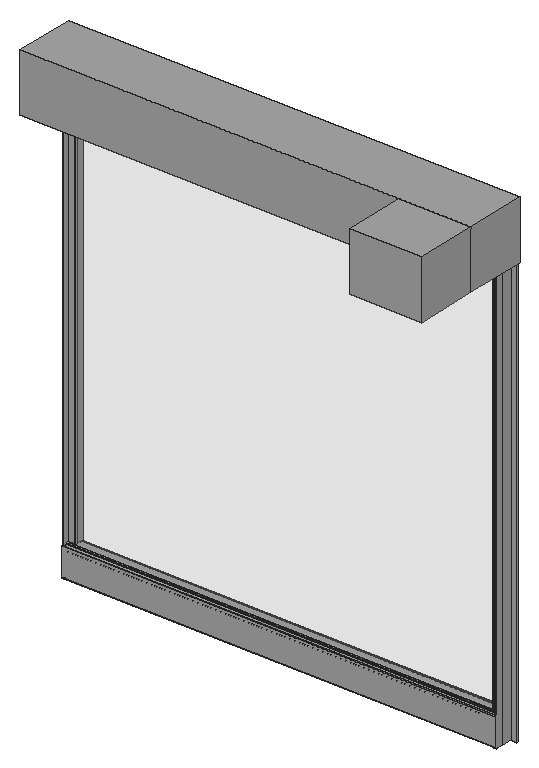
Revit family
Parameters (values of type "Motor Operated, Stainless Steel, 9" Vertical Spacing")
  Spec Wizard = "http://www.clopaydoor.com/Quick-Specs-Wizard.aspx"
  Sizing Disclaimer = "Openings from 5' to 24' wide and 4' to 20' high."  # constant formula
  Sales Information = "http://www.clopaydoor.com/where-to-buy.aspx?type=dealer&stype=commercial"
  Product Features and Benefits = "http://www.clopaydoor.com/sliding-applications.aspx"
  Motor = yes
  Manufacturer Website = "http://www.clopaydoor.com"
  Manufacturer Phone Number = "1-800-526-4301"  # constant formula
  Manufacturer Address = "1400 W. Market St., Troy, OH 45373"  # constant formula
  Function = (empty or 0)
  File Revision = "00 (Feb, 2011)"  # constant formula
  Drip Extension = 0' - 5"
  Curtain Rods 2" OC Standard = Stainless steel 9" Spacing (curtain only)
  CAD and Specifications = "http://www.clopaydoor.com/sliding-specs.aspx"
  Bottom Bar = Stainless steel(non-curtain components)
  Guides = Stainless steel(non-curtain components)
  Hood = Stainless steel(non-curtain components)
  Mounting = "Face of Wall "  # constant formula
  URL = "http://www.clopaydoor.com"
  Subcategory = "Roll Up"  # constant formula
  Shutter Width = Width + 2 * 0' 2 1/2" + 2 * 0' 0 15/32"  # 10' - 5 15/16"
  Shutter Height = Height - 0' 4 205/256"  # 9' - 7 51/256"
  Optional aluminum, color anodized finish = no
  Operator Height = 5' - 4"
  Operator = Operator : Motor Operator
  Operation = ""
  From Coil Side Operate on Right = yes
  From Coil Side Operate on Left = not(From Coil Side Operate on Right)  # no
  Curtain Spacing Vertical Chains 9" OC = yes
  Curtain Spacing Vertical Chains 6" OC = no
  Curtain Spacing Vertical Chains 3" OC = no
  Model = "CERG-IBC"  # constant formula
  Manufacturer = "Clopay Building Products Company"  # constant formula
  Height = 10' - 0"
  Wall Closure = (empty or 0)
  Width = 10' - 0"
  Description = "The security of a locked rolling grille that opens on alarm or power failure allowing safe escape."  # constant formula
  Construction Type = ""
  Assembly Code = "B2030410"
  95 CSI = "08330"  # constant formula
  Coil Dimension Note = "15” to 20” - Consult Clopay when dimensions are critical."  # constant formula
  Jamb Dimension Note = " 3” to 4 1/2”  wide. Consult Clopay when dimensions are critical"  # constant formula
  Wall Construction = "Self supporting tubes, Masonry, Steel or Wood"  # constant formula
  Listings = "ICC-ES Evaluated for access controlled egress per the IBC®, per ESR-1167"  # constant formula
  04 CSI = "08 33 00"  # constant formula
  Cost Note = "Based on size, materials selected. Consult Clopay."  # constant formula
Types (12): name | Curtain Rods 2" OC Standard | Bottom Bar | Guides | Hood | Curtain Spacing Vertical Chains 9" OC | Curtain Spacing Vertical Chains 6" OC | Curtain Spacing Vertical Chains 3" OC
  Motor Operated, Aluminium (Anodized Finish), 9" Vertical Spacing | Aluminum, anodized finish 9" Spacing (curtain only) | Aluminum, anodized finish(non-curtain components) | Aluminum, anodized finish(non-curtain components) | Aluminum, anodized finish(non-curtain components) | yes | no | no
  Motor Operated, Aluminium (Mill Finish), 9" Vertical Spacing | Aluminum, mill finish 9" Spacing (curtain only) | Aluminum, mill finish(non-curtain components) | Aluminum, mill finish(non-curtain components) | Aluminum, mill finish(non-curtain components) | yes | no | no
  Motor Operated, Galvanized Steel, 9" Vertical Spacing | Galvanized steel 9" Spacing (curtain only) | Galvanized steel curtain, galvanized or powder coated plain steel components(non-curtain components) | Galvanized steel curtain, galvanized or powder coated plain steel components(non-curtain components) | Galvanized steel curtain, galvanized or powder coated plain steel components(non-curtain components) | yes | no | no
  Motor Operated, Stainless Steel, 9" Vertical Spacing | Stainless steel 9" Spacing (curtain only) | Stainless steel(non-curtain components) | Stainless steel(non-curtain components) | Stainless steel(non-curtain components) | yes | no | no
  Motor Operated, Stainless Steel, 6" Vertical Spacing | Stainless steel 6" Spacing (curtain only) | Stainless steel(non-curtain components) | Stainless steel(non-curtain components) | Stainless steel(non-curtain components) | no | yes | no
  Motor Operated, Stainless Steel, 3" Vertical Spacing | Stainless steel 3" Spacing (curtain only) | Stainless steel(non-curtain components) | Stainless steel(non-curtain components) | Stainless steel(non-curtain components) | no | no | yes
  Motor Operated, Galvanized Steel, 6" Vertical Spacing | Galvanized steel 6" Spacing (curtain only) | Galvanized steel curtain, galvanized or powder coated plain steel components(non-curtain components) | Galvanized steel curtain, galvanized or powder coated plain steel components(non-curtain components) | Galvanized steel curtain, galvanized or powder coated plain steel components(non-curtain components) | no | yes | no
  Motor Operated, Galvanized Steel, 3" Vertical Spacing | Galvanized steel 3" Spacing (curtain only) | Galvanized steel curtain, galvanized or powder coated plain steel components(non-curtain components) | Galvanized steel curtain, galvanized or powder coated plain steel components(non-curtain components) | Galvanized steel curtain, galvanized or powder coated plain steel components(non-curtain components) | no | no | yes
  Motor Operated, Aluminium (Mill Finish), 6" Vertical Spacing | Aluminum, mill finish 6" Spacing (curtain only) | Aluminum, mill finish(non-curtain components) | Aluminum, mill finish(non-curtain components) | Aluminum, mill finish(non-curtain components) | no | yes | no
  Motor Operated, Aluminium (Mill Finish), 3" Vertical Spacing | Aluminum, mill finish 3" Spacing (curtain only) | Aluminum, mill finish(non-curtain components) | Aluminum, mill finish(non-curtain components) | Aluminum, mill finish(non-curtain components) | no | no | yes
  Motor Operated, Aluminium (Anodized Finish), 6" Vertical Spacing | Aluminum, anodized finish 6" Spacing (curtain only) | Aluminum, anodized finish(non-curtain components) | Aluminum, anodized finish(non-curtain components) | Aluminum, anodized finish(non-curtain components) | no | yes | no
  Motor Operated, Aluminium (Anodized Finish), 3" Vertical Spacing | Aluminum, anodized finish 3" Spacing (curtain only) | Aluminum, anodized finish(non-curtain components) | Aluminum, anodized finish(non-curtain components) | Aluminum, anodized finish(non-curtain components) | no | no | yes
Reference planes (in)
  plane 1 "Center (Front/Back)": y = 0
  plane 2 "Center (Left/Right)": x = 36
  plane 3 "Left": x = -24
  plane 4 "Right": x = 96
  plane 5 "Top": z = 120
  plane 6 "Wall Edge": y = -4.25
  plane 7: y = -4.25
  plane 8 "Top of Hood": z = 142
  plane 9: y = -17.875
  plane 10: z = 125
  plane 11: z = 4.39975
  plane 12: z = 4.39975
  plane 13: z = 6.41361
  plane 14: z = 10.41361
  plane 15: y = -6.125
  plane 16: x = -29.5
  plane 17: x = 101.5
  plane 18: x = -27
  plane 19: x = 99
  plane 20: z = 132
  plane 21: y = -21.75
  plane 22: y = -39.75
Forms (in)
  Sweep 1, solid, material "Stainless steel(non-curtain components)" <- "Guides"
    path origin (-95.55277, -6.125, 84) x (-1, 0, 0) y (0, 0, 1)
      loop
        line (-194.55277, -84) -> (-68.55277, -84)
    profile "Profile_BottomBar : Profile_BottomBar" origin (36, -6.125, 0) x (0, 0, 1) y (0, 1, 0)
      loop
        line (0.252, 1.15352) -> (0.252, -3.26114) -> (8.31715, -3.26114) -> (8.31715, 1.15352) -> (0.252, 1.15352)
      loop
        line (0.17656, -3.48747) -> (8.39259, -3.48747)
        arc (8.39259, -3.48747) -> (8.49929, -3.44328) -> (8.54348, -3.33658) r 0.15089
        line (8.54348, -3.33658) -> (8.54348, -2.49697)
        arc (8.54348, -2.49697) -> (8.58767, -2.39028) -> (8.69437, -2.34608) r 0.15089
        line (8.69437, -2.34608) -> (8.85012, -2.34608)
        arc (8.85012, -2.34608) -> (8.95681, -2.30189) -> (9.00101, -2.1952) r 0.15089
        line (9.00101, -2.1952) -> (9.00101, 0.08758)
        arc (9.00101, 0.08758) -> (8.95681, 0.19427) -> (8.85012, 0.23846) r 0.15089
        line (8.85012, 0.23846) -> (8.69437, 0.23846)
        arc (8.69437, 0.23846) -> (8.58767, 0.28266) -> (8.54348, 0.38935) r 0.15089
        line (8.54348, 0.38935) -> (8.54348, 1.22896)
        arc (8.54348, 1.22896) -> (8.49929, 1.33566) -> (8.39259, 1.37985) r 0.15089
        line (8.39259, 1.37985) -> (0.17656, 1.37985)
        arc (0.17656, 1.37985) -> (0.06986, 1.33566) -> (0.02567, 1.22896) r 0.15089
        line (0.02567, 1.22896) -> (0.02567, -3.33658)
        arc (0.02567, -3.33658) -> (0.06986, -3.44328) -> (0.17656, -3.48747) r 0.15089
  Sweep 2, solid, material "Stainless steel(non-curtain components)" <- "Guides"
    path origin (-60, -4.25, 0) x (1, 0, 0) y (0, 0, 1)
      loop
        line (161.5, 125) -> (161.5, 0)
    profile "Guide-Profile : Guide-Profile" origin (101.5, -4.25, 62.5) x (1, 0, 0) y (0, -1, 0)
      loop
        line (-4.5, 2.484) -> (-4.5, 2.688) -> (-4.64, 2.688) -> (-4.64, 2.56104) -> (-4.86, 2.56104) -> (-4.86, 2.688) -> (-5, 2.688) -> (-5, 2.52275) -> (-5, 1.186) -> (-4.875, 1.124) -> (-2.5, 1.124) -> (-2.5, 0) -> (-0.5, 0) -> (-0.5, 0.188) -> (-2.312, 0.188) -> (-2.312, 3) -> (-2.5, 3) -> (-2.5, 5.125) -> (-2.679, 5.125) -> (-2.679, 3.625) -> (-4.875, 3.625) -> (-5, 3.563) -> (-5, 3.312) -> (-4.86, 3.312) -> (-4.86, 3.51604) -> (-4.64, 3.51604) -> (-4.64, 3.312) -> (-4.5, 3.312) -> (-4.5, 3.516) -> (-2.563, 3.516) -> (-2.563, 2.484) -> (-4.5, 2.484)
  Sweep 3, solid, material "Stainless steel(non-curtain components)" <- "Guides"
    path origin (-60, -4.25, 0) x (1, 0, 0) y (0, 0, 1)
      loop
        line (30.5, 125) -> (30.5, 0)
    profile "Guide-Profile : Guide-Profile" origin (-29.5, -4.25, 62.5) x (1, 0, 0) y (0, -1, 0)
      loop
        line (4.5, 2.484) -> (2.563, 2.484) -> (2.563, 3.516) -> (4.5, 3.516) -> (4.5, 3.312) -> (4.64, 3.312) -> (4.64, 3.51604) -> (4.86, 3.51604) -> (4.86, 3.312) -> (5, 3.312) -> (5, 3.563) -> (4.875, 3.625) -> (2.679, 3.625) -> (2.679, 5.125) -> (2.5, 5.125) -> (2.5, 3) -> (2.312, 3) -> (2.312, 0.188) -> (0.5, 0.188) -> (0.5, 0) -> (2.5, 0) -> (2.5, 1.124) -> (4.875, 1.124) -> (5, 1.186) -> (5, 2.52275) -> (5, 2.688) -> (4.86, 2.688) -> (4.86, 2.56104) -> (4.64, 2.56104) -> (4.64, 2.688) -> (4.5, 2.688) -> (4.5, 2.484)
  Sweep 4, solid, material "Stainless steel(non-curtain components)" <- "Guides"
    path origin (-95.55277, -6.125, 84) x (-1, 0, 0) y (0, 0, 1)
      loop
        line (-194.55277, -79.60025) -> (-68.55277, -79.60025)
    profile "Profile-Sill : Profile-Sill" origin (36, -6.125, 4.39975) x (0, 0, 1) y (0, 1, 0)
      loop
        line (0, -1.51968) -> (1.2138, -1.51968) -> (1.30422, -1.49878) -> (1.81639, -1.49878)
        arc (1.81639, -1.49878) -> (2.05512, -1.53778) -> (2.27526, -1.4375) r 0.41644
        line (2.27526, -1.4375) -> (2.22428, -1.4375)
        arc (2.22428, -1.4375) -> (1.63688, -1.125) -> (2.22428, -0.8125) r 0.37683
        line (2.22428, -0.8125) -> (2.27526, -0.8125)
        arc (2.27526, -0.8125) -> (2.14079, -0.73308) -> (1.98652, -0.70878) r 0.41644
        line (1.98652, -0.70878) -> (0, -0.70878) -> (0, -1.51968)
  Extrusion 5, solid, material "Stainless steel 9" Spacing (curtain only)" <- "Curtain Rods 2" OC Standard"
    sketch origin (0, 0, 0) x (1, 0, 0) y (0, 0, 1)
      loop
        line (-24.5, 125) -> (-24.5, 0) -> (96.5, 0) -> (96.5, 125) -> (-24.5, 125)
    from 6.938 to 7.562
Cuts and joins
  joined: Sweep 1, Sweep 2, Sweep 3, Sweep 4
Lines and regions (in)
  Opening 1
    outline origin (-90, -4.25, 0) x (1, 0, 0) y (0, 0, 1)
      loop
        line (66, 0) -> (186, 0) -> (186, 120) -> (66, 120) -> (66, 0)
Text (in)
  text "Exterior" at (-74.96733, 27.31104, 0), in view "Ref. Level"
  text "Interior" at (-74.96733, -25.14366, 0), in view "Ref. Level"
  text "Exterior" at (0, 40.15149, 123.01588), in view "Right"
  text "Interior" at (0, -64.39139, 123.01588), in view "Right"
  text "Interior" at (0, -63.63426, 123.00693), in view "Left"
  text "Exterior" at (0, 54.57065, 123.00693), in view "Left"
Dimensions and locks (in)
  equal spacing: plane 3 "Left", plane 2 "Center (Left/Right)", plane 4 "Right"
  "Height": level to plane 5 "Top"
  "Width": plane 3 "Left" to plane 4 "Right"
  locked: plane 7 to plane 6 "Wall Edge"
  "Drip Extension": plane 10 to plane 5 "Top"
  locked: plane 8 "Top of Hood" to plane 10 at 17
  locked: level to plane 11 at 4.39975
  locked: level to plane 12 at 4.39975
  locked: plane 6 "Wall Edge" to plane 9 at 13.625
  locked: plane 13 to level at 6.41361
  locked: level to plane 14 at 10.41361
  locked: plane 6 "Wall Edge" to plane 15 at 1.875
  locked: plane 16 to plane 3 "Left" at 5.5
  locked: plane 4 "Right" to plane 17 at 5.5
  locked: plane 16 to plane 18 at 2.5
  locked: plane 19 to plane 17 at 2.5
  plane 22 to plane 21 to plane 6 "Wall Edge" = 1' - 6", 1' - 5 1/2"
  plane 10 to plane 5 "Top" = 0' - 5"
  plane 8 "Top of Hood" to level = 11' - 10"
  aligned and locked: plane 3 "Left" to Opening 1 sketch curve
  aligned and locked: plane 5 "Top" to Opening 1 sketch curve  (x2)
  aligned and locked: Opening 1 sketch curve to plane 4 "Right"
  aligned and locked: Opening 1 sketch curve to level
  aligned and locked: plane 6 "Wall Edge" to host wall
  aligned and locked: nested 1 to plane 2 "Center (Left/Right)"
  aligned and locked: nested 1 to host wall
  aligned and locked: level to Sweep 2 sketch curve
  aligned and locked: level to Sweep 3 sketch curve
  aligned and locked: Sweep 4 sketch curve to plane 12
  aligned and locked: Sweep 3 sketch curve to plane 16
  aligned and locked: plane 17 to Sweep 2 sketch curve
  aligned and locked: plane 18 to Sweep 1 sketch curve
  aligned and locked: plane 19 to Sweep 1 sketch curve
  aligned and locked: Sweep 1 sketch curve to level
  aligned and locked: plane 19 to Sweep 4 sketch curve
  aligned and locked: plane 18 to Sweep 4 sketch curve
  aligned and locked: plane 10 to Sweep 3 sketch curve
  aligned and locked: plane 10 to Sweep 2 sketch curve
  aligned and locked: plane 21 to nested 1
  aligned and locked: plane 22 to nested 1
  aligned and locked: nested 1 to plane 10
  aligned and locked: Extrusion 5 sketch curve to plane 10
  aligned and locked: Extrusion 5 sketch curve to cut or joined group of Sweep 1, Sweep 2, Sweep 3, Sweep 4  (x2)
  aligned and locked: Extrusion 5 sketch curve to level
  aligned and locked: Extrusion 5 to cut or joined group of Sweep 1, Sweep 2, Sweep 3, Sweep 4  (x2)
Nested families (in)
  nested 1: "Operator" at (36, -12.75, 37.50377), type <- "Operator", type "Motor Operator"
Definition of nested family "Operator"
  Parameters (values of type "Motor Operator")
    Width = 10' - 0"
    Roller Chamber = Aluminum, mill finish(non-curtain components)
    Right Motor Visible = not(Motor)  # no
    Right = yes
    Operator Height = Height / 1.5  # 5' - 4"
    Motor = yes
    Material = Aluminum, mill finish(non-curtain components)
    Line = no
    Left Motor Visible = not(Motor)  # no
    Left = no
    Height = 8' - 0"
    Default Elevation = 4' - 0"
    Bottom Bar = Aluminum, mill finish(non-curtain components)
    Assembly Code = ""
  Reference planes (in)
    plane 1 "Center (Front/Back)": y = 0
    plane 2: z = 0
    plane 3 "Center (Left/Right)": x = 0
    plane 4: x = -60
    plane 5: x = 60
    plane 6: z = 96
    plane 7: y = 8.5
    plane 8: z = 87.49623
    plane 9: x = -42.75
    plane 10: x = 42.75
    plane 11: y = -27.30859
    plane 12: y = -12
    plane 13: y = 6.625
    plane 14: x = -55.5
    plane 15: x = 55.5
    plane 16: x = -65.5
    plane 17: x = 65.5
    plane 18: y = -7
  Forms (in)
    Sweep 1, solid, material "Aluminum, mill finish(non-curtain components)" <- "Bottom Bar"
      path origin (-42.75, -180, 87.49623) x (0, -1, 0) y (1, 0, 0)
        loop
          line (-188.5, -22.75) -> (-188.5, 108.25)
      profile "Profile_Hood : Profile_Hood" origin (0, 8.5, 87.49623) x (0, 1, 0) y (0, 0, 1)
        loop
          line (0, 17) -> (-17.5, 17) -> (-17.5, 0) -> (0, 0) -> (0, 17)
    Sweep 2, solid, material "Aluminum, mill finish(non-curtain components)" <- "Bottom Bar"
      path origin (-42.75, -180, 87.49623) x (0, -1, 0) y (1, 0, 0)
        loop
          line (-188.5, -22.75) -> (-188.5, 108.25)
      profile "Profile_Hood : Profile_Hood" origin (0, 8.5, 87.49623) x (0, 1, 0) y (0, 0, 1)
        loop
          line (0, 17) -> (-17.5, 17) -> (-17.5, 0) -> (0, 0) -> (0, 17)
    Sweep 3, solid, material "Aluminum, mill finish(non-curtain components)" <- "Roller Chamber"
      path origin (-42.75, -180, 87.49623) x (0, -1, 0) y (1, 0, 0)
        loop
          line (-188.5, -22.75) -> (-188.5, 108.25)
      profile "Profile_Hood : Profile_Hood" origin (0, 8.5, 87.49623) x (0, 1, 0) y (0, 0, 1)
        loop
          line (0, 17) -> (-17.5, 17) -> (-17.5, 0) -> (0, 0) -> (0, 17)
  Lines and regions (in)
    symbolic lines, style "GenericModelHiddenLines"
      curve 1: line (-65.5, 8.5, 0) -> (-65.5, -7, 0)
      curve 3: line (65.5, -7, 0) -> (65.5, 8.5, 0)
    symbolic lines, style "GenericModelHiddenLines", visible <- "Line"
      curve 2: line (-65.5, -7, 0) -> (65.5, -7, 0)
    symbolic lines, style "GenericModelHiddenLines", visible <- "Left"
      curve 4: line (-44.5, -7, 0) -> (65.5, -7, 0)
    symbolic lines, style "GenericModelHiddenLines", visible <- "Right"
      curve 5: line (-65.5, -7, 0) -> (44.5, -7, 0)
    symbolic lines, style "GenericModelHiddenLines", visible <- "Right Motor Visible"
      curve 6: line (44.5, -7, 0) -> (65.5, -7, 0)
    symbolic lines, style "GenericModelHiddenLines", visible <- "Left Motor Visible"
      curve 7: line (-65.5, -7, 0) -> (-44.5, -7, 0)
  Dimensions and locks (in)
    equal spacing: plane 4, plane 3 "Center (Left/Right)", plane 5
    "Width": plane 4 to plane 5
    "Height": plane 6 to level
    locked: plane 7 to plane 1 "Center (Front/Back)" at 8.5
    locked: plane 6 to plane 8 at 8.50377
    locked: plane 7 to plane 11 at 35.80859
    locked: plane 7 to plane 13 at 1.875
    locked: plane 15 to plane 5 at 4.5
    locked: plane 4 to plane 14 at 4.5
    locked: plane 16 to plane 4 at 5.5
    locked: plane 17 to plane 5 at 5.5
    locked: plane 18 to plane 7 at 15.5
    aligned and locked: nested 2 to plane 6
    aligned and locked: Sweep 1 sketch curve to plane 7
    aligned and locked: nested 1 to Sweep 1
    aligned and locked: Sweep 2 sketch curve to plane 7
    aligned and locked: Sweep 3 sketch curve to plane 7
    aligned and locked: plane 6 to nested 1
    aligned and locked: plane 16 to Sweep 2 sketch curve
    aligned and locked: plane 17 to Sweep 2 sketch curve
    aligned and locked: plane 16 to Sweep 3 sketch curve
    aligned and locked: plane 17 to Sweep 3 sketch curve
    aligned and locked: plane 16 to Sweep 1 sketch curve
    aligned and locked: plane 17 to Sweep 1 sketch curve
    aligned and locked: plane 7 to curve 1
    aligned and locked: curve 3 to plane 7
    aligned and locked: plane 18 to curve 3
    aligned and locked: plane 18 to curve 4
    aligned and locked: nested 1 to curve 5
    aligned and locked: curve 5 to plane 18
    aligned and locked: nested 1 to curve 6
    aligned and locked: curve 5 to curve 6
    aligned and locked: nested 2 to Sweep 3
    aligned and locked: nested 1 to Sweep 2
    aligned and locked: nested 2 to curve 7
    aligned and locked: plane 16 to nested 2
    aligned and locked: curve 1 to plane 16
  Nested families (in)
    nested 1: "Pull-Down-Pole" at (71.375, -2, 32), visible <- "Right", type "Pull"
    nested 2: "Pull-Down-Pole" at (-71.375, -2, 32) x (-1, 0, 0) z (0, 0, 1), visible <- "Left", type "Pull 2"
  Definition of nested family "Pull-Down-Pole"
    Parameters (values of type "Pull 2")
      Motor = yes
      Material = Aluminum, mill finish(non-curtain components)
      Hood = Aluminum, mill finish(non-curtain components)
      Height = 5' - 4"
      Bottom Bar = Aluminum, mill finish(non-curtain components)
      Assembly Code = ""
    Types (2): name
      Pull 2
      Pull
    Reference planes (in)
      plane 1 "Center (Front/Back)": y = 0
      plane 2: z = 0
      plane 3 "Center (Left/Right)": x = 0
      plane 4: z = 64
      plane 5: y = -7
      plane 6: y = -25
      plane 7: x = -3.625
      plane 8: x = -5.875
      plane 9: x = -1.375
    Forms (in)
      Extrusion 1, solid, material "Aluminum, mill finish(non-curtain components)" <- "Material", visible <- "Motor"
        sketch origin (0, 0, 0) x (1, 0, 0) y (0, 0, 1)
          loop
            line (-26.875, 72.49609) -> (-26.875, 55.49609) -> (-5.875, 55.49609) -> (-5.875, 72.49609) -> (-26.875, 72.49609)
        from 7 to 25
      Extrusion 2, solid, material "Aluminum, mill finish(non-curtain components)" <- "Bottom Bar", not visible
        sketch origin (-9.625, -8.75, 56.81318) x (0, 0, 1) y (0, -1, 0)
          loop
            line (15.68682, -17.125) -> (15.68682, -1.75) -> (-1.31318, -1.75) -> (-1.31318, -17.125) -> (15.68682, -17.125)
        from 3.75 to 8.25
      Extrusion 3, solid, material "Aluminum, mill finish(non-curtain components)" <- "Bottom Bar", not visible
        sketch origin (-5.875, -5.3125, 56.81318) x (0, 0, -1) y (0, -1, 0)
          loop
            line (-15.68682, 1.6875) -> (-15.68682, -13.6875) -> (1.31318, -13.6875) -> (1.31318, 1.6875) -> (-15.68682, 1.6875)
        from -4.5 to 0
    Lines and regions (in)
      symbolic lines, style "GenericModelHiddenLines", visible <- "Motor"
        curve 1: line (-26.875, -25, 0) -> (-26.875, -7, 0)
        curve 2: line (-26.875, -25, 0) -> (-5.875, -25, 0)
        curve 3: line (-5.875, -25, 0) -> (-5.875, -7, 0)
    Dimensions and locks (in)
      "Height": plane 4 to level
      locked: plane 3 "Center (Left/Right)" to Extrusion 1 sketch curve at 5.875
      locked: Extrusion 1 sketch curve to Extrusion 1 sketch curve at 21
      locked: plane 4 to Extrusion 1 sketch curve at 8.50391
      locked: Extrusion 1 sketch curve to plane 4 at 8.49609
      locked: plane 1 "Center (Front/Back)" to plane 5 at 7
      plane 5 to plane 6 = 1' - 6"
      Extrusion 2 to plane 7 = 0' - 2 1/4"
      locked: plane 8 to plane 9 at 4.5
      equal spacing: plane 8, plane 7, plane 9
      plane 5 to plane 1 "Center (Front/Back)" = 0' - 7"
      plane 1 "Center (Front/Back)" to Extrusion 3 sketch curve = 0' - 8 3/8"
      Extrusion 2 to plane 4 = 0' - 8 1/2"
      aligned and locked: plane 5 to Extrusion 1
      aligned and locked: plane 6 to Extrusion 1
      aligned and locked: plane 4 to nested 1
      aligned and locked: plane 7 to nested 1
      aligned and locked: plane 1 "Center (Front/Back)" to nested 1
      aligned and locked: Extrusion 2 to Extrusion 3
      aligned and locked: Extrusion 3 to plane 9
      aligned and locked: Extrusion 2 to plane 9
      aligned and locked: plane 5 to curve 1
      aligned and locked: plane 6 to curve 1
      aligned and locked: plane 5 to curve 3
      aligned and locked: plane 6 to curve 3
      aligned and locked: Extrusion 1 to curve 2
      aligned and locked: curve 2 to Extrusion 1
    Automatic sketch dimensions
      Extrusion 3 sketch curve to Extrusion 2 = 0' - 0"  (x2)
      Extrusion 3 sketch curve to Extrusion 2 = 1' - 3 3/8"
      Extrusion 2 sketch curve to plane 5 = 0' - 0"
      Extrusion 2 sketch curve to plane 4 = 0' - 8 1/2"
      plane 4 to Extrusion 2 sketch curve = 0' - 8 1/2"
      Extrusion 2 sketch curve to Extrusion 2 sketch curve = 1' - 3 3/8"
    Nested families (in)
      nested 1: "Hand Crank" at (-3.625, 0, 0), type "Pull"
        with Crank Visibility no
    Definition of nested family "Hand Crank"
      Parameters (values of type "Pull 2")
        Pull Visibility = no
        Material = none
        Height = 5' - 4"
        Crank Visibility = yes
        Chain Visibility = no
        Assembly Code = ""
      Types (2): name
        Pull
        Pull 2
      Reference planes (in)
        plane 1 "Center (Front/Back)": y = 0
        plane 2: z = 0
        plane 3 "Center (Left/Right)": x = 0
        plane 4: z = 64
      Forms (in)
        Extrusion 1, solid, material <- "Material", visible <- "Crank Visibility"
          sketch origin (0.49219, 0, -9.71913) x (1, 0, 0) y (0, 1, 0)
            loop
              circle (-0.49219, 0) r 0.3635
          from 27.71913 to 73.71913
        Revolve 2, solid, material <- "Material", visible <- "Crank Visibility"
          sketch origin (0.48828, 0, 0) x (1, 0, 0) y (0, 0, 1)
            loop
              line (-0.00839, 16.40625) -> (-0.00839, 17.75)
              arc (-0.00839, 17.75) -> (0.0137, 17.75915) -> (0.02286, 17.78125) r 0.03125
              line (0.02286, 17.78125) -> (0.02286, 17.96875)
              arc (0.02286, 17.96875) -> (0.0137, 17.99085) -> (-0.00839, 18) r 0.03125
              line (-0.00839, 18) -> (-0.12478, 18) -> (-0.25839, 16.375) -> (-0.03964, 16.375)
              arc (-0.03964, 16.375) -> (-0.01755, 16.38415) -> (-0.00839, 16.40625) r 0.03125
            axis (-0.5, 16.375) -> (-0.5, 18)
          angle from 0 to 360
        Extrusion 3, solid, material <- "Material", visible <- "Crank Visibility"
          sketch origin (0.48828, 0, -9.71913) x (1, 0, 0) y (0, 1, 0)
            loop
              circle (-0.5, 0) r 0.24161
          from 24.71913 to 26.09413
        Revolve 4, solid, material <- "Material", visible <- "Crank Visibility"
          sketch origin (0.48828, 0, -33.71913) x (1, 0, 0) y (0, 0, 1)
            loop
              line (-0.10214, 48.71913) -> (-0.5, 48.71913) -> (-0.5, 44.28163) -> (-0.10214, 44.28163)
              arc (-0.10214, 44.28163) -> (-0.08321, 44.29598) -> (-0.06782, 44.31409) r 0.10929
              arc (-0.06782, 44.31409) -> (-0.0568, 44.33489) -> (-0.05048, 44.35756) r 0.10929
              arc (-0.05048, 44.35756) -> (-0.04908, 44.37899) -> (-0.05189, 44.40028) r 0.10929
              arc (-0.05189, 44.40028) -> (-0.06078, 44.4247) -> (-0.07518, 44.44633) r 0.10929
              arc (-0.07518, 44.44633) -> (-0.08774, 44.45883) -> (-0.10214, 44.46913) r 0.10929
              line (-0.10214, 44.46913) -> (-0.25839, 44.46913) -> (-0.25839, 44.53163) -> (-0.03964, 44.53163)
              arc (-0.03964, 44.53163) -> (0.02286, 46.50038) -> (-0.03964, 48.46913) r 31.03906
              line (-0.03964, 48.46913) -> (-0.25839, 48.46913) -> (-0.25839, 48.53163) -> (-0.10214, 48.53163)
              arc (-0.10214, 48.53163) -> (-0.089, 48.54117) -> (-0.07741, 48.55254) r 0.11027
              arc (-0.07741, 48.55254) -> (-0.06715, 48.5662) -> (-0.05913, 48.58129) r 0.11027
              arc (-0.05913, 48.58129) -> (-0.05268, 48.60089) -> (-0.05, 48.62136) r 0.11027
              arc (-0.05, 48.62136) -> (-0.05282, 48.65047) -> (-0.06319, 48.67782) r 0.11027
              arc (-0.06319, 48.67782) -> (-0.07996, 48.70102) -> (-0.10214, 48.71913) r 0.11027
            axis (-0.5, 44.28163) -> (-0.5, 48.71913)
          angle from 0 to 360
        Revolve 5, solid, material <- "Material", visible <- "Crank Visibility"
          sketch origin (0.48828, 0, 0) x (1, 0, 0) y (0, 0, 1)
            loop
              line (-7.10196, 4.6875) -> (-7.49981, 4.6875) -> (-7.49981, 0) -> (-7.28964, 0) -> (-7.25839, 0.03125) -> (-7.25839, 0.25) -> (-7.10196, 0.25)
              arc (-7.10196, 0.25) -> (-7.08302, 0.26435) -> (-7.06764, 0.28246) r 0.10929
              arc (-7.06764, 0.28246) -> (-7.05661, 0.30326) -> (-7.0503, 0.32593) r 0.10929
              arc (-7.0503, 0.32593) -> (-7.04889, 0.34736) -> (-7.05171, 0.36865) r 0.10929
              arc (-7.05171, 0.36865) -> (-7.0606, 0.39307) -> (-7.075, 0.4147) r 0.10929
              arc (-7.075, 0.4147) -> (-7.08755, 0.4272) -> (-7.10196, 0.4375) r 0.10929
              line (-7.10196, 0.4375) -> (-7.25821, 0.4375) -> (-7.25821, 0.5) -> (-7.03946, 0.5)
              arc (-7.03946, 0.5) -> (-6.97696, 2.46875) -> (-7.03946, 4.4375) r 31.03906
              line (-7.03946, 4.4375) -> (-7.25821, 4.4375) -> (-7.25821, 4.5) -> (-7.10196, 4.5)
              arc (-7.10196, 4.5) -> (-7.08882, 4.50954) -> (-7.07722, 4.52091) r 0.11027
              arc (-7.07722, 4.52091) -> (-7.06696, 4.53457) -> (-7.05894, 4.54966) r 0.11027
              arc (-7.05894, 4.54966) -> (-7.05249, 4.56926) -> (-7.04981, 4.58973) r 0.11027
              arc (-7.04981, 4.58973) -> (-7.05263, 4.61884) -> (-7.06301, 4.64619) r 0.11027
              arc (-7.06301, 4.64619) -> (-7.07978, 4.66939) -> (-7.10196, 4.6875) r 0.11027
            axis (-7.49981, 0) -> (-7.49981, 4.6875)
          angle from 0 to 360
        Sweep 6, solid, material <- "Material", visible <- "Crank Visibility"
          path origin (0.48828, 0, 0) x (1, 0, 0) y (0, 0, 1)
            loop
              arc (-7.49004, 4.6119) -> (-7.47789, 4.71547) -> (-7.45023, 4.816) r 0.6875
              arc (-7.45023, 4.816) -> (-7.43834, 4.84678) -> (-7.42499, 4.87696) r 0.6875
              arc (-7.42499, 4.87696) -> (-7.41762, 4.89212) -> (-7.40987, 4.9071) r 0.6875
              arc (-7.40987, 4.9071) -> (-7.38741, 4.94613) -> (-7.36243, 4.98361) r 0.6875
              arc (-7.36243, 4.98361) -> (-7.33964, 5.01371) -> (-7.31523, 5.04252) r 0.6875
              arc (-7.31523, 5.04252) -> (-7.29391, 5.06527) -> (-7.27158, 5.08702) r 0.6875
              line (-7.27158, 5.08702) -> (-0.63776, 10.21872)
              arc (-0.63776, 10.21872) -> (-0.61587, 10.24313) -> (-0.59517, 10.26856) r 0.6875
              arc (-0.59517, 10.26856) -> (-0.57706, 10.29302) -> (-0.56005, 10.31826) r 0.6875
              arc (-0.56005, 10.31826) -> (-0.54767, 10.33829) -> (-0.53598, 10.35873) r 0.6875
              arc (-0.53598, 10.35873) -> (-0.52266, 10.38421) -> (-0.51043, 10.41023) r 0.6875
              arc (-0.51043, 10.41023) -> (-0.49993, 10.43513) -> (-0.49042, 10.46042) r 0.6875
              arc (-0.49042, 10.46042) -> (-0.47982, 10.49292) -> (-0.47085, 10.5259) r 0.6875
              arc (-0.47085, 10.5259) -> (-0.46028, 10.57739) -> (-0.45368, 10.62953) r 0.6875
          profile origin (-3.46639, 0, 7.65287) x (-0.611862, 0, 0.790964) y (0, -1, 0)
            loop
              circle (0, 0) r 0.21875
      Dimensions and locks (in)
        "Height": plane 4 to level
        aligned and locked: plane 4 to Extrusion 1
      Automatic sketch dimensions
        plane 3 "Center (Left/Right)" to Extrusion 1 sketch curve = 0' - 0"
        Extrusion 1 sketch curve to plane 1 "Center (Front/Back)" = 0' - 0"
        Revolve 2 sketch curve to plane 3 "Center (Left/Right)" = 0' - 0 3/256"
        Revolve 2 sketch curve to Revolve 2 sketch curve = 0' - 0.24161"
        Revolve 2 sketch curve to Revolve 2 sketch curve = 0' - 0.37522"
        Revolve 2 sketch curve to Revolve 2 sketch curve = 0' - 0 7/32"
        Revolve 2 sketch curve to Revolve 2 sketch curve = 0' - 0.11639"
        Revolve 2 sketch curve to Revolve 2 sketch curve = 0' - 0"  (x2)
        Revolve 2 sketch curve to Revolve 2 sketch curve = 0' - 0 1/32"
        level to Revolve 2 sketch curve = 1' - 4 3/8"
        Revolve 2 sketch curve to Revolve 2 sketch curve = 0' - 1 11/32"
        Revolve 2 sketch curve to Revolve 2 sketch curve = 0' - 0 3/16"
        Revolve 2 sketch curve to Revolve 2 sketch curve = 0' - 0.55649"
        Extrusion 3 sketch curve to plane 3 "Center (Left/Right)" = 0' - 0 3/256"
        Extrusion 3 sketch curve to plane 1 "Center (Front/Back)" = 0' - 0"
        Revolve 4 sketch curve to Revolve 4 sketch curve = 0' - 0"  (x42)
        Revolve 4 sketch curve to plane 3 "Center (Left/Right)" = 2' - 6.52792"
        Revolve 4 sketch curve to plane 3 "Center (Left/Right)" = 0' - 0 3/256"
        Revolve 4 sketch curve to Revolve 4 sketch curve = 0' - 0.24161"  (x2)
        Revolve 4 sketch curve to Revolve 4 sketch curve = 0' - 0.0982"
        Revolve 4 sketch curve to Revolve 4 sketch curve = 0' - 0.10009"
        Revolve 4 sketch curve to Revolve 4 sketch curve = 0' - 0.05805"  (x2)
        Revolve 4 sketch curve to Revolve 4 sketch curve = 0' - 0.05616"  (x2)
        Revolve 4 sketch curve to Revolve 4 sketch curve = 0' - 0.02473"
        Revolve 4 sketch curve to Revolve 4 sketch curve = 0' - 0.02696"
        Revolve 4 sketch curve to Revolve 4 sketch curve = 0' - 0.03432"
        Revolve 4 sketch curve to Revolve 4 sketch curve = 0' - 0.03895"
        Revolve 4 sketch curve to Revolve 4 sketch curve = 0' - 0.01828"
        Revolve 4 sketch curve to Revolve 4 sketch curve = 0' - 0.02329"
        Revolve 4 sketch curve to Revolve 4 sketch curve = 0' - 0.00141"
        Revolve 4 sketch curve to Revolve 4 sketch curve = 0' - 0.00913"
        Revolve 4 sketch curve to Revolve 4 sketch curve = 0' - 0 1/16"  (x4)
        level to Revolve 4 sketch curve = 0' - 10 9/16"
        Revolve 4 sketch curve to Revolve 4 sketch curve = 0' - 0.03246"
        Revolve 4 sketch curve to Revolve 4 sketch curve = 0' - 0.36189"
        level to Revolve 4 sketch curve = 1' - 0 25/32"
        Revolve 4 sketch curve to Revolve 4 sketch curve = 0' - 0.02091"
        Revolve 5 sketch curve to Revolve 5 sketch curve = 0' - 0"  (x42)
        Revolve 5 sketch curve to plane 3 "Center (Left/Right)" = 3' - 1.52774"
        Revolve 5 sketch curve to plane 3 "Center (Left/Right)" = 0' - 7.01153"
        Revolve 5 sketch curve to Revolve 5 sketch curve = 0' - 0.21017"
        Revolve 5 sketch curve to Revolve 5 sketch curve = 0' - 0 1/32"  (x2)
        Revolve 5 sketch curve to Revolve 5 sketch curve = 0' - 0.24161"
        Revolve 5 sketch curve to Revolve 5 sketch curve = 0' - 0.00019"
        Revolve 5 sketch curve to Revolve 5 sketch curve = 0' - 0.0982"
        Revolve 5 sketch curve to Revolve 5 sketch curve = 0' - 0.10009"
        Revolve 5 sketch curve to Revolve 5 sketch curve = 0' - 0.05805"  (x2)
        Revolve 5 sketch curve to Revolve 5 sketch curve = 0' - 0.05616"  (x2)
        Revolve 5 sketch curve to Revolve 5 sketch curve = 0' - 0.02473"
        Revolve 5 sketch curve to Revolve 5 sketch curve = 0' - 0.02696"
        Revolve 5 sketch curve to Revolve 5 sketch curve = 0' - 0.03432"
        Revolve 5 sketch curve to Revolve 5 sketch curve = 0' - 0.03895"
        Revolve 5 sketch curve to Revolve 5 sketch curve = 0' - 0.01828"
        Revolve 5 sketch curve to Revolve 5 sketch curve = 0' - 0.02329"
        Revolve 5 sketch curve to Revolve 5 sketch curve = 0' - 0.00141"
        Revolve 5 sketch curve to Revolve 5 sketch curve = 0' - 0.00913"
        Revolve 5 sketch curve to Revolve 5 sketch curve = 0' - 0 1/16"  (x4)
        level to Revolve 5 sketch curve = 0' - 0"
        Revolve 5 sketch curve to Revolve 5 sketch curve = 0' - 0 7/32"
        Revolve 5 sketch curve to Revolve 5 sketch curve = 0' - 0.03246"
        Revolve 5 sketch curve to Revolve 5 sketch curve = 0' - 0.03008"
        level to Revolve 5 sketch curve = 0' - 2 15/32"
        Revolve 5 sketch curve to Revolve 5 sketch curve = 0' - 0.02091"
        Sweep 6 sketch curve to Sweep 6 sketch curve = 0' - 0"  (x72)
        Sweep 6 sketch curve to plane 3 "Center (Left/Right)" = 0' - 7.00176"
        Sweep 6 sketch curve to Sweep 6 sketch curve = 0' - 0.03981"
        Sweep 6 sketch curve to Sweep 6 sketch curve = 0' - 0.02523"
        Sweep 6 sketch curve to Sweep 6 sketch curve = 0' - 0.01512"
        Sweep 6 sketch curve to Sweep 6 sketch curve = 0' - 0.04744"
        Sweep 6 sketch curve to Sweep 6 sketch curve = 0' - 0.0472"
        Sweep 6 sketch curve to Sweep 6 sketch curve = 0' - 0.04365"
        Sweep 6 sketch curve to Sweep 6 sketch curve = 0' - 0.60676"
        Sweep 6 sketch curve to Sweep 6 sketch curve = 0' - 6.13304"
        Sweep 6 sketch curve to Sweep 6 sketch curve = 0' - 0.50078"
        Sweep 6 sketch curve to Sweep 6 sketch curve = 0' - 0.04259"
        Sweep 6 sketch curve to Sweep 6 sketch curve = 0' - 0.03512"
        Sweep 6 sketch curve to Sweep 6 sketch curve = 0' - 0.02407"
        Sweep 6 sketch curve to Sweep 6 sketch curve = 0' - 0.02555"
        Sweep 6 sketch curve to Sweep 6 sketch curve = 0' - 0.02001"
        Sweep 6 sketch curve to Sweep 6 sketch curve = 0' - 0.01957"
        Sweep 6 sketch curve to Sweep 6 sketch curve = 0' - 0.01717"
        level to Sweep 6 sketch curve = 0' - 4.58384"
        Sweep 6 sketch curve to Sweep 6 sketch curve = 0' - 0.02806"
        Sweep 6 sketch curve to Sweep 6 sketch curve = 0' - 5.63487"
        Sweep 6 sketch curve to Sweep 6 sketch curve = 0' - 0.04984"
        Sweep 6 sketch curve to profile plane = 0' - 0"  (x2)
        radius of Extrusion 1 sketch curve = 0' - 0.3635"
        radius of Extrusion 3 sketch curve = 0' - 0.24161"
        radius of Sweep 6 sketch curve = 0' - 0 7/32"
